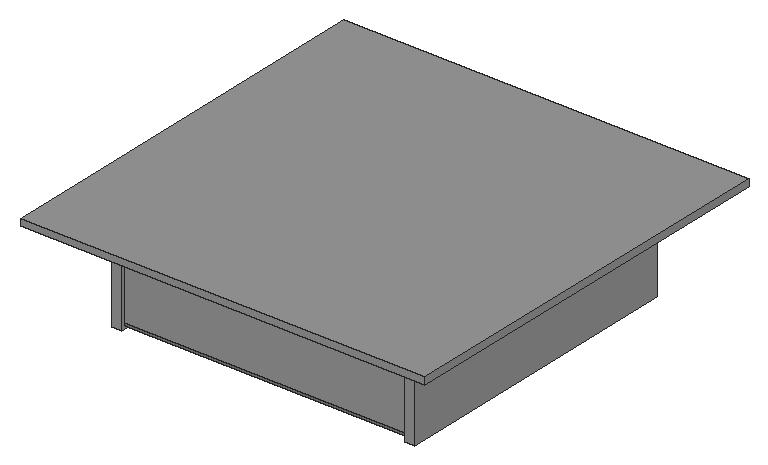
Revit family "Berica 2.0 M", category Lighting Fixtures, Revit 2020 (continued)
Definition of nested family "Light Source Berica 2.0"
  Types (4, lengths in mm): name | Photometric Web File | built-in parameter 1150142
       0.01 \r\n0.01 0.01 0.01 0.01 0.01 0.01 0.01 0.01 0.01 0.01 0.01 \r\n0.01 0.01 0.01 0.01 0.02 0.08 0.32 0.78 1.23 1.65 2.07 \r\n2.43 2.78 3.14 3.47 3.84 4.76 6.05 7.24 8.34 9.79 12.13 \r\n14.23 16.15 18.81 22.22 26.13 31.20 39.15 44.49 48.76 \r\n53.23 59.90 69.77 78.56 86.23 92.64 99.65 106.56 114.17 \r\n121.75 129.12 136.43 144.28 151.57 159.02 166.16 172.66 \r\n179.50 185.17 191.24 196.51 201.13 205.85 209.85 213.84 \r\n216.82 219.28 221.59 223.31 224.51 \r\n224.51 223.22 221.69 219.29 216.81 213.69 209.72 205.43 \r\n200.95 196.03 190.67 185.07 178.63 172.71 164.68 158.24 \r\n150.69 142.93 135.04 127.71 120.26 112.66 105.52 98.30 \r\n91.57 84.25 76.69 67.16 57.95 51.87 47.33 43.12 36.55 \r\n29.56 24.77 21.09 17.85 15.50 13.59 11.29 9.12 8.00 6.84 \r\n5.68 4.35 3.70 3.33 3.02 2.68 2.30 1.93 1.51 1.08 0.62 \r\n0.24 0.03 0.01 0.01 0.01 0.01 0.01 0.01 0.01 0.01 0.01 \r\n0.01 0.01 0.01 0.01 0.01 0.01 0.02 0.02 0.02 0.02 0.03 \r\n0.03 0.03 0.03 0.03 0.04 0.04 0.04 0.04 0.04 0.04 0.04 \r\n0.04 0.04 0.04 0.04 0.04 0.04 0.04 0.04 0.04 0.04 0.04 \r\n0.04 0.04 0.04 0.03 0.03 0.03 0.03 0.03 0.02 0.02 0.02 \r\n0.02 0.01 0.01 0.01 0.01 0.01 0.01 0.01 0.01 0.01 0.01 \r\n0.01 0.01 0.01 0.01 0.01 0.03 0.24 0.62 1.08 1.51 1.93 \r\n2.30 2.68 3.02 3.33 3.70 4.35 5.68 6.84 8.00 9.12 11.29 \r\n13.59 15.50 17.85 21.09 24.77 29.56 36.55 43.12 47.33 \r\n51.87 57.95 67.16 76.69 84.25 91.57 98.30 105.52 112.66 \r\n120.26 127.71 135.04 142.93 150.69 158.24 164.68 172.71 \r\n178.63 185.07 190.67 196.03 200.95 205.43 209.72 213.69 \r\n216.81 219.29 221.69 223.22 224.51 \r\n224.51 223.29 221.25 219.10 216.15 213.11 208.97 204.73 \r\n199.85 194.75 189.22 183.64 176.99 170.47 162.39 155.63 \r\n148.75 140.18 132.83 124.96 117.74 110.15 102.82 95.75 \r\n89.23 81.44 73.70 62.87 55.44 49.94 45.68 41.21 33.06 \r\n27.67 23.34 19.62 16.78 14.73 12.73 10.33 8.56 7.52 6.31 \r\n5.16 4.00 3.54 3.20 2.87 2.51 2.14 1.78 1.32 0.89 0.42 \r\n0.11 0.02 0.01 0.01 0.01 0.01 0.01 0.01 0.01 0.01 0.01 \r\n0.01 0.01 0.02 0.02 0.02 0.02 0.03 0.03 0.04 0.04 0.04 \r\n0.04 0.04 0.04 0.04 0.05 0.05 0.05 0.05 0.05 0.05 0.05 \r\n0.05 0.05 0.05 0.05 0.05 0.05 0.05 0.05 0.05 0.05 0.05 \r\n0.05 0.05 0.05 0.04 0.04 0.04 0.04 0.04 0.04 0.04 0.03 \r\n0.03 0.02 0.02 0.02 0.02 0.01 0.01 0.01 0.01 0.01 0.01 \r\n0.01 0.01 0.01 0.01 0.01 0.02 0.11 0.42 0.89 1.32 1.78 \r\n2.14 2.51 2.87 3.20 3.54 4.00 5.16 6.31 7.52 8.56 10.33 \r\n12.73 14.73 16.78 19.62 23.34 27.67 33.06 41.21 45.68 \r\n49.94 55.44 62.87 73.70 81.44 89.23 95.75 102.82 110.15 \r\n117.74 124.96 132.83 140.18 148.75 155.63 162.39 170.47 \r\n176.99 183.64 189.22 194.75 199.85 204.73 208.97 213.11 \r\n216.15 219.10 221.25 223.29 224.51 \r\n224.51 223.22 221.69 219.29 216.81 213.69 209.72 205.43 \r\n200.95 196.03 190.67 185.07 178.63 172.71 164.68 158.24 \r\n150.69 142.93 135.04 127.71 120.26 112.66 105.52 98.30 \r\n91.57 84.25 76.69 67.16 57.95 51.87 47.33 43.12 36.55 \r\n29.56 24.77 21.09 17.85 15.50 13.59 11.29 9.12 8.00 6.84 \r\n5.68 4.35 3.70 3.33 3.02 2.68 2.30 1.93 1.51 1.08 0.62 \r\n0.24 0.03 0.01 0.01 0.01 0.01 0.01 0.01 0.01 0.01 0.01 \r\n0.01 0.01 0.01 0.01 0.01 0.01 0.02 0.02 0.02 0.02 0.03 \r\n0.03 0.03 0.03 0.03 0.04 0.04 0.04 0.04 0.04 0.04 0.04 \r\n0.04 0.04 0.04 0.04 0.04 0.04 0.04 0.04 0.04 0.04 0.04 \r\n0.04 0.04 0.04 0.03 0.03 0.03 0.03 0.03 0.02 0.02 0.02 \r\n0.02 0.01 0.01 0.01 0.01 0.01 0.01 0.01 0.01 0.01 0.01 \r\n0.01 0.01 0.01 0.01 0.01 0.03 0.24 0.62 1.08 1.51 1.93 \r\n2.30 2.68 3.02 3.33 3.70 4.35 5.68 6.84 8.00 9.12 11.29 \r\n13.59 15.50 17.85 21.09 24.77 29.56 36.55 43.12 47.33 \r\n51.87 57.95 67.16 76.69 84.25 91.57 98.30 105.52 112.66 \r\n120.26 127.71 135.04 142.93 150.69 158.24 164.68 172.71 \r\n178.63 185.07 190.67 196.03 200.95 205.43 209.72 213.69 \r\n216.81 219.29 221.69 223.22 224.51 \r\n224.51 223.31 221.59 219.28 216.82 213.84 209.85 205.85 \r\n201.13 196.51 191.24 185.17 179.50 172.66 166.16 159.02 \r\n151.57 144.28 136.43 129.12 121.75 114.17 106.56 99.65 \r\n92.64 86.23 78.56 69.77 59.90 53.23 48.76 44.49 39.15 \r\n31.20 26.13 22.22 18.81 16.15 14.23 12.13 9.79 8.34 7.24 \r\n6.05 4.76 3.84 3.47 3.14 2.78 2.43 2.07 1.65 1.23 0.78 \r\n0.32 0.08 0.02 0.01 0.01 0.01 0.01 0.01 0.01 0.01 0.01 \r\n0.01 0.01 0.01 0.01 0.01 0.01 0.01 0.01 0.02 0.02 0.02 \r\n0.02 0.02 0.03 0.03 0.03 0.03 0.03 0.03 0.04 0.04 0.04 \r\n0.04 0.04 0.04 0.04 0.04 0.04 0.04 0.04 0.04 0.04 0.03 \r\n0.03 0.03 0.03 0.03 0.03 0.02 0.02 0.02 0.02 0.02 0.01 \r\n0.01 0.01 0.01 0.01 0.01 0.01 0.01 0.01 0.01 0.01 0.01 \r\n0.01 0.01 0.01 0.01 0.02 0.08 0.32 0.78 1.23 1.65 2.07 \r\n2.43 2.78 3.14 3.47 3.84 4.76 6.05 7.24 8.34 9.79 12.13 \r\n14.23 16.15 18.81 22.22 26.13 31.20 39.15 44.49 48.76 \r\n53.23 59.90 69.77 78.56 86.23 92.64 99.65 106.56 114.17 \r\n121.75 129.12 136.43 144.28 151.57 159.02 166.16 172.66 \r\n179.50 185.17 191.24 196.51 201.13 205.85 209.85 213.84 \r\n216.82 219.28 221.59 223.31 224.51 \r\n224.51 223.26 221.53 219.40 216.94 214.03 210.28 206.17 \r\n201.41 197.08 191.59 186.41 180.78 174.30 167.44 160.51 \r\n153.72 145.67 138.70 131.22 123.33 116.33 109.00 102.11 \r\n95.33 88.54 81.76 72.83 63.91 55.94 50.72 46.64 42.03 \r\n34.66 28.48 24.53 20.59 17.64 15.33 13.44 10.88 9.09 8.00 \r\n6.79 5.56 4.21 3.68 3.30 3.00 2.64 2.27 1.88 1.45 1.03 \r\n0.55 0.20 0.02 0.01 0.01 0.01 0.01 0.01 0.01 0.01 0.01 \r\n0.01 0.01 0.01 0.01 0.01 0.01 0.01 0.01 0.01 0.01 0.01 \r\n0.01 0.02 0.02 0.02 0.02 0.02 0.02 0.02 0.03 0.03 0.03 \r\n0.03 0.03 0.03 0.03 0.03 0.03 0.03 0.03 0.03 0.03 0.02 \r\n0.02 0.02 0.02 0.02 0.02 0.02 0.01 0.01 0.01 0.01 0.01 \r\n0.01 0.01 0.01 0.01 0.01 0.01 0.01 0.01 0.01 0.01 0.01 \r\n0.01 0.01 0.01 0.01 0.02 0.20 0.55 1.03 1.45 1.88 2.27 \r\n2.64 3.00 3.30 3.68 4.21 5.56 6.79 8.00 9.09 10.88 13.44 \r\n15.33 17.64 20.59 24.53 28.48 34.66 42.03 46.64 50.72 \r\n55.94 63.91 72.83 81.76 88.54 95.33 102.11 109.00 116.33 \r\n123.33 131.22 138.70 145.67 153.72 160.51 167.44 174.30 \r\n180.78 186.41 191.59 197.08 201.41 206.17 210.28 214.03 \r\n216.94 219.40 221.53 223.26 224.51 \r\n224.51 223.35 221.73 219.63 217.16 214.47 210.61 207.13 \r\n202.53 198.09 193.03 187.72 182.29 175.89 169.46 162.94 \r\n155.85 148.60 141.49 133.85 126.92 119.29 112.60 105.48 \r\n98.56 92.28 85.63 78.47 69.57 60.76 54.00 49.34 45.24 \r\n40.42 32.69 27.58 23.43 20.06 17.12 15.12 13.08 10.52 \r\n8.92 7.74 6.65 5.22 4.06 3.59 3.25 2.90 2.53 2.18 1.77 \r\n1.35 0.92 0.44 0.13 0.02 0.01 0.01 0.01 0.01 0.01 0.01 \r\n0.01 0.01 0.01 0.01 0.01 0.01 0.01 0.01 0.01 0.01 0.01 \r\n0.01 0.01 0.01 0.01 0.01 0.01 0.01 0.01 0.01 0.01 0.01 \r\n0.02 0.02 0.02 0.02 0.02 0.02 0.02 0.02 0.02 0.01 0.01 \r\n0.01 0.01 0.01 0.01 0.01 0.01 0.01 0.01 0.01 0.01 0.01 \r\n0.01 0.01 0.01 0.01 0.01 0.01 0.01 0.01 0.01 0.01 0.01 \r\n0.01 0.01 0.01 0.01 0.02 0.13 0.44 0.92 1.35 1.77 2.18 \r\n2.53 2.90 3.25 3.59 4.06 5.22 6.65 7.74 8.92 10.52 13.08 \r\n15.12 17.12 20.06 23.43 27.58 32.69 40.42 45.24 49.34 \r\n54.00 60.76 69.57 78.47 85.63 92.28 98.56 105.48 112.60 \r\n119.29 126.92 133.85 141.49 148.60 155.85 162.94 169.46 \r\n175.89 182.29 187.72 193.03 198.09 202.53 207.13 210.61 \r\n214.47 217.16 219.63 221.73 223.35 224.51 \r\n224.51 223.36 221.78 219.73 217.58 214.69 211.54 207.92 \r\n203.46 199.22 194.47 189.82 184.10 178.45 172.15 165.66 \r\n158.77 152.08 145.26 137.95 130.87 123.51 117.05 109.77 \r\n103.13 96.68 90.37 83.66 76.83 67.96 59.72 53.22 48.92 \r\n45.05 40.04 32.86 27.85 23.60 20.19 17.39 15.32 13.37 \r\n10.65 9.01 7.91 6.65 5.43 4.02 3.56 3.23 2.89 2.52 2.18 \r\n1.77 1.35 0.91 0.42 0.11 0.02 0.02 0.01 0.01 0.01 0.01 \r\n0.01 0.01 0.01 0.01 0.01 0.01 0.01 0.01 0.01 0.01 0.01 \r\n0.01 0.01 0.01 0.01 0.01 0.01 0.01 0.01 0.01 0.01 0.01 \r\n0.01 0.01 0.01 0.01 0.01 0.01 0.01 0.01 0.01 0.01 0.01 \r\n0.01 0.01 0.01 0.01 0.01 0.01 0.01 0.01 0.01 0.01 0.01 \r\n0.01 0.01 0.01 0.01 0.01 0.01 0.01 0.01 0.01 0.01 0.01 \r\n0.01 0.01 0.02 0.02 0.11 0.42 0.91 1.35 1.77 2.18 2.52 \r\n2.89 3.23 3.56 4.02 5.43 6.65 7.91 9.01 10.65 13.37 15.32 \r\n17.39 20.19 23.60 27.85 32.86 40.04 45.05 48.92 53.22 \r\n59.72 67.96 76.83 83.66 90.37 96.68 103.13 109.77 117.05 \r\n123.51 130.87 137.95 145.26 152.08 158.77 165.66 172.15 \r\n178.45 184.10 189.82 194.47 199.22 203.46 207.92 211.54 \r\n214.69 217.58 219.73 221.78 223.36 224.51 \r\n224.51 223.45 222.04 220.09 217.91 215.49 212.60 208.79 \r\n204.91 201.06 196.52 191.85 186.53 181.00 175.53 168.88 \r\n163.10 156.30 149.97 142.93 135.84 129.08 122.27 115.56 \r\n108.75 102.25 95.81 89.72 83.50 77.00 68.84 60.70 53.96 \r\n49.42 45.48 41.37 34.47 29.08 25.14 21.31 18.49 16.09 \r\n14.20 11.52 9.53 8.34 7.14 5.90 4.35 3.66 3.30 2.96 2.58 \r\n2.25 1.84 1.44 0.99 0.54 0.17 0.03 0.02 0.01 0.01 0.01 \r\n0.01 0.01 0.01 0.01 0.01 0.01 0.01 0.01 0.01 0.01 0.01 \r\n0.01 0.01 0.01 0.01 0.01 0.01 0.01 0.01 0.01 0.01 0.01 \r\n0.01 0.01 0.01 0.01 0.01 0.01 0.01 0.01 0.01 0.01 0.01 \r\n0.01 0.01 0.01 0.01 0.01 0.01 0.01 0.01 0.01 0.01 0.01 \r\n0.01 0.01 0.01 0.01 0.01 0.01 0.01 0.01 0.01 0.01 0.01 \r\n0.01 0.02 0.03 0.17 0.54 0.99 1.44 1.84 2.25 2.58 2.96 \r\n3.30 3.66 4.35 5.90 7.14 8.34 9.53 11.52 14.20 16.09 \r\n18.49 21.31 25.14 29.08 34.47 41.37 45.48 49.42 53.96 \r\n60.70 68.84 77.00 83.50 89.72 95.81 102.25 108.75 115.56 \r\n122.27 129.08 135.84 142.93 149.97 156.30 163.10 168.88 \r\n175.53 181.00 186.53 191.85 196.52 201.06 204.91 208.79 \r\n212.60 215.49 217.91 220.09 222.04 223.45 224.51 \r\n224.51 223.46 222.16 220.17 218.27 216.08 213.19 210.26 \r\n206.39 202.62 198.50 194.11 189.30 184.16 178.70 172.99 \r\n167.40 160.92 155.30 148.41 142.16 135.03 128.54 121.95 \r\n114.95 108.74 102.30 96.18 90.46 84.73 78.35 71.16 63.30 \r\n56.12 51.11 47.03 43.46 38.05 31.63 27.64 23.65 20.31 \r\n17.59 15.55 13.24 10.80 9.08 8.02 6.84 5.22 3.91 3.43 \r\n3.12 2.75 2.40 2.03 1.63 1.22 0.75 0.33 0.04 0.02 0.02 \r\n0.01 0.01 0.01 0.01 0.01 0.01 0.01 0.01 0.01 0.01 0.01 \r\n0.01 0.01 0.01 0.01 0.01 0.01 0.01 0.01 0.01 0.01 0.01 \r\n0.01 0.01 0.01 0.01 0.01 0.01 0.01 0.01 0.01 0.01 0.01 \r\n0.01 0.01 0.01 0.01 0.01 0.01 0.01 0.01 0.01 0.01 0.01 \r\n0.01 0.01 0.01 0.01 0.01 0.01 0.01 0.01 0.01 0.01 0.01 \r\n0.02 0.02 0.04 0.33 0.75 1.22 1.63 2.03 2.40 2.75 3.12 \r\n3.43 3.91 5.22 6.84 8.02 9.08 10.80 13.24 15.55 17.59 \r\n20.31 23.65 27.64 31.63 38.05 43.46 47.03 51.11 56.12 \r\n63.30 71.16 78.35 84.73 90.46 96.18 102.30 108.74 114.95 \r\n121.95 128.54 135.03 142.16 148.41 155.30 160.92 167.40 \r\n172.99 178.70 184.16 189.30 194.11 198.50 202.62 206.39 \r\n210.26 213.19 216.08 218.27 220.17 222.16 223.46 224.51 \r\n224.51 223.55 222.22 220.49 218.78 216.75 214.34 211.48 \r\n208.02 204.61 200.53 196.61 192.21 187.88 182.56 177.42 \r\n172.10 166.49 160.43 154.52 148.64 141.75 136.02 128.95 \r\n122.76 116.20 110.01 103.70 97.84 92.46 86.82 81.31 75.34 \r\n68.65 60.33 54.32 49.76 46.16 42.51 37.40 31.32 27.39 \r\n23.49 20.29 17.69 15.50 13.26 10.66 9.17 8.01 6.68 5.05 \r\n3.77 3.32 3.02 2.64 2.29 1.92 1.51 1.08 0.60 0.18 0.03 \r\n0.02 0.02 0.01 0.01 0.01 0.01 0.01 0.01 0.01 0.01 0.01 \r\n0.01 0.01 0.01 0.01 0.01 0.01 0.01 0.01 0.01 0.01 0.01 \r\n0.01 0.01 0.01 0.01 0.01 0.01 0.01 0.01 0.01 0.01 0.01 \r\n0.01 0.01 0.01 0.01 0.01 0.01 0.01 0.01 0.01 0.01 0.01 \r\n0.01 0.01 0.01 0.01 0.01 0.01 0.01 0.01 0.01 0.02 0.02 \r\n0.03 0.18 0.60 1.08 1.51 1.92 2.29 2.64 3.02 3.32 3.77 \r\n5.05 6.68 8.01 9.17 10.66 13.26 15.50 17.69 20.29 23.49 \r\n27.39 31.32 37.40 42.51 46.16 49.76 54.32 60.33 68.65 \r\n75.34 81.31 86.82 92.46 97.84 103.70 110.01 116.20 122.76 \r\n128.95 136.02 141.75 148.64 154.52 160.43 166.49 172.10 \r\n177.42 182.56 187.88 192.21 196.61 200.53 204.61 208.02 \r\n211.48 214.34 216.75 218.78 220.49 222.22 223.55 224.51 \r\n224.51 223.59 222.53 220.94 219.17 217.34 215.31 212.67 \r\n209.75 206.44 203.12 199.29 195.32 191.31 186.75 182.32 \r\n177.02 172.11 166.53 161.06 155.23 149.50 143.38 137.56 \r\n131.02 125.12 118.51 112.76 106.52 100.79 95.84 90.16 \r\n85.08 79.75 74.34 67.41 60.76 54.59 49.85 46.25 42.93 \r\n39.00 33.10 28.79 24.86 21.42 18.55 16.39 14.10 11.71 \r\n9.60 8.41 6.99 5.33 3.82 3.33 3.00 2.64 2.29 1.89 1.50 \r\n1.06 0.58 0.12 0.03 0.02 0.02 0.02 0.02 0.02 0.01 0.01 \r\n0.01 0.01 0.01 0.01 0.01 0.01 0.01 0.01 0.01 0.01 0.01 \r\n0.01 0.01 0.01 0.01 0.01 0.01 0.01 0.01 0.01 0.01 0.01 \r\n0.01 0.01 0.01 0.01 0.01 0.01 0.01 0.01 0.01 0.01 0.01 \r\n0.01 0.01 0.01 0.01 0.01 0.01 0.02 0.02 0.02 0.02 0.02 \r\n0.03 0.12 0.58 1.06 1.50 1.89 2.29 2.64 3.00 3.33 3.82 \r\n5.33 6.99 8.41 9.60 11.71 14.10 16.39 18.55 21.42 24.86 \r\n28.79 33.10 39.00 42.93 46.25 49.85 54.59 60.76 67.41 \r\n74.34 79.75 85.08 90.16 95.84 100.79 106.52 112.76 118.51 \r\n125.12 131.02 137.56 143.38 149.50 155.23 161.06 166.53 \r\n172.11 177.02 182.32 186.75 191.31 195.32 199.29 203.12 \r\n206.44 209.75 212.67 215.31 217.34 219.17 220.94 222.53 \r\n223.59 224.51 \r\n224.51 223.68 222.66 221.30 219.72 218.03 216.36 214.19 \r\n211.56 208.83 205.53 202.31 198.76 195.17 190.82 186.82 \r\n182.18 177.84 173.12 167.78 162.72 157.37 152.02 146.01 \r\n140.45 134.67 128.64 122.58 116.78 111.16 105.71 100.18 \r\n94.94 89.66 84.60 79.65 75.20 69.75 63.35 57.01 51.59 \r\n47.98 44.25 41.31 36.89 31.65 27.66 24.01 20.99 17.99 \r\n15.84 13.49 10.72 9.08 7.88 6.26 4.60 3.42 3.06 2.71 2.32 \r\n1.98 1.55 1.16 0.66 0.21 0.06 0.05 0.04 0.04 0.03 0.03 \r\n0.03 0.02 0.02 0.02 0.02 0.02 0.02 0.01 0.01 0.01 0.01 \r\n0.01 0.01 0.01 0.01 0.01 0.01 0.01 0.01 0.01 0.01 0.01 \r\n0.01 0.01 0.01 0.01 0.01 0.01 0.01 0.01 0.02 0.02 0.02 \r\n0.02 0.02 0.02 0.03 0.03 0.03 0.04 0.04 0.05 0.06 0.21 \r\n0.66 1.16 1.55 1.98 2.32 2.71 3.06 3.42 4.60 6.26 7.88 \r\n9.08 10.72 13.49 15.84 17.99 20.99 24.01 27.66 31.65 \r\n36.89 41.31 44.25 47.98 51.59 57.01 63.35 69.75 75.20 \r\n79.65 84.60 89.66 94.94 100.18 105.71 111.16 116.78 \r\n122.58 128.64 134.67 140.45 146.01 152.02 157.37 162.72 \r\n167.78 173.12 177.84 182.18 186.82 190.82 195.17 198.76 \r\n202.31 205.53 208.83 211.56 214.19 216.36 218.03 219.72 \r\n221.30 222.66 223.68 224.51 \r\n224.51 223.86 222.87 221.70 220.22 218.88 217.19 215.46 \r\n213.25 210.81 208.08 205.19 201.94 198.78 195.02 191.55 \r\n187.58 183.58 179.21 174.95 170.10 165.48 160.52 155.27 \r\n150.00 144.47 139.16 133.56 128.02 122.63 116.75 111.61 \r\n106.15 100.78 95.63 90.67 85.98 81.44 76.94 72.71 67.39 \r\n61.95 56.01 51.03 47.33 43.71 40.90 37.28 32.61 28.34 \r\n24.81 21.53 18.50 15.92 13.61 10.95 9.06 7.74 6.16 4.29 \r\n3.22 2.85 2.50 2.13 1.74 1.34 0.92 0.43 0.17 0.15 0.13 \r\n0.12 0.11 0.10 0.09 0.07 0.06 0.05 0.04 0.03 0.03 0.02 \r\n0.02 0.02 0.02 0.02 0.02 0.02 0.02 0.02 0.02 0.02 0.02 \r\n0.02 0.02 0.02 0.02 0.02 0.02 0.02 0.03 0.03 0.04 0.05 \r\n0.06 0.07 0.09 0.10 0.11 0.12 0.13 0.15 0.17 0.43 0.92 \r\n1.34 1.74 2.13 2.50 2.85 3.22 4.29 6.16 7.74 9.06 10.95 \r\n13.61 15.92 18.50 21.53 24.81 28.34 32.61 37.28 40.90 \r\n43.71 47.33 51.03 56.01 61.95 67.39 72.71 76.94 81.44 \r\n85.98 90.67 95.63 100.78 106.15 111.61 116.75 122.63 \r\n128.02 133.56 139.16 144.47 150.00 155.27 160.52 165.48 \r\n170.10 174.95 179.21 183.58 187.58 191.55 195.02 198.78 \r\n201.94 205.19 208.08 210.81 213.25 215.46 217.19 218.88 \r\n220.22 221.70 222.87 223.86 224.51 \r\n224.51 223.89 223.05 222.05 220.93 219.68 218.18 216.66 \r\n214.74 212.95 210.50 208.11 205.32 202.61 199.31 196.10 \r\n192.71 189.16 185.50 181.57 177.67 173.21 169.17 164.58 \r\n160.07 154.75 149.97 144.81 139.65 134.46 129.25 124.09 \r\n118.71 113.76 108.22 103.39 98.07 93.55 88.58 84.45 80.04 \r\n75.84 71.80 67.56 63.09 57.89 52.65 48.05 44.49 41.30 \r\n38.49 35.01 30.88 26.83 23.45 20.11 17.14 14.64 11.93 \r\n9.35 7.93 6.36 4.60 3.31 2.85 2.49 2.10 1.72 1.32 0.88 \r\n0.47 0.34 0.30 0.27 0.24 0.21 0.18 0.16 0.13 0.11 0.09 \r\n0.06 0.05 0.03 0.02 0.02 0.02 0.02 0.02 0.02 0.02 0.02 \r\n0.02 0.02 0.02 0.02 0.02 0.03 0.05 0.06 0.09 0.11 0.13 \r\n0.16 0.18 0.21 0.24 0.27 0.30 0.34 0.47 0.88 1.32 1.72 \r\n2.10 2.49 2.85 3.31 4.60 6.36 7.93 9.35 11.93 14.64 17.14 \r\n20.11 23.45 26.83 30.88 35.01 38.49 41.30 44.49 48.05 \r\n52.65 57.89 63.09 67.56 71.80 75.84 80.04 84.45 88.58 \r\n93.55 98.07 103.39 108.22 113.76 118.71 124.09 129.25 \r\n134.46 139.65 144.81 149.97 154.75 160.07 164.58 169.17 \r\n173.21 177.67 181.57 185.50 189.16 192.71 196.10 199.31 \r\n202.61 205.32 208.11 210.50 212.95 214.74 216.66 218.18 \r\n219.68 220.93 222.05 223.05 223.89 224.51 \r\n224.51 224.02 223.28 222.51 221.63 220.52 219.28 217.94 \r\n216.41 214.78 212.92 210.96 208.62 206.44 203.59 200.79 \r\n197.92 194.83 191.34 188.26 184.71 181.18 177.34 173.29 \r\n169.62 164.84 160.89 155.99 151.39 146.33 141.88 137.09 \r\n132.15 126.97 121.91 116.98 111.80 106.88 102.37 97.34 \r\n92.96 88.32 83
